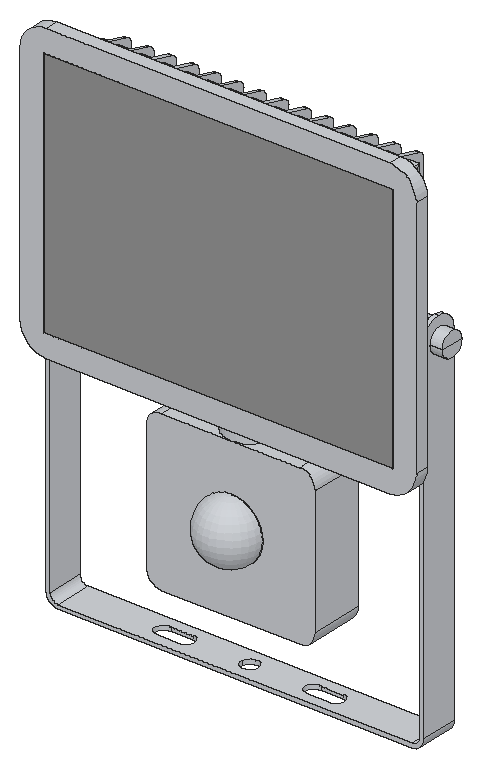
Revit family "START Flood Flat - 28W - PIR", category Lighting Fixtures, Revit 2017
Family settings
  Round Connector Dimension = Use Diameter
  Part Type = Normal
  OmniClass Number = 23.80.70.00
  OmniClass Title = Lighting
  Work Plane-Based = No
  Always vertical = Yes
  Cut with Voids When Loaded = No
  Light Source = Yes
  Shared = No
  Room Calculation Point = No
Parameters (values of type "0050140 ST FLD FLT IP54 PIR 3000LM 840 WH")
  Weight = "3.45 kg"
  Wattage = 28 W
  WarrantyStartDate [instance] = "n/a"
  WarrantyGuarantorParts = "n/a"
  WarrantyDurationUnit = "n/a"
  WarrantyDurationParts = "n/a"
  WarrantyDescription = "n/a"
  built-in parameter 1150110 = 1 (stored number, unit not read)
  Voltage = 0 V
  URL = "http://www.sylvania-lighting.com"
  TypeName = "Start Flood Flat IP54 PIR 3000LM 840 White"
  built-in parameter 1114217 = 1 (stored number, unit not read)
  Tilt Angle = 0.00°
  built-in parameter 1150109 = 1 (stored number, unit not read)
  built-in parameter 1150134 = 12
  built-in parameter 1150113 = 1 (stored number, unit not read)
  SerialNumber [instance] = "n/a"
  PowerFactor = 0.9
  PowerConsumption = "28.0 W"
  Photometric Web File = "0050140.ies"
  NominalWidth = 0 mm
  NominalLength = 201 mm
  NominalHeight = 57 mm
  Name = "Start Flood Flat IP54 PIR 3000LM 840 White"
  ModelReference = "Start Flood Flat IP54 PIR 3000LM 840 White"
  ModelNumber = "0050140"
  Model = "Start Flood Flat IP54 PIR 3000LM 840 White"
  Material_4_FEILO = none
  Material_3_FEILO = none
  Material_2_FEILO = Default New Material
  Material_1_FEILO = none
  Material = "n/a"
  ManufacturerName = "Feilo Sylvania"
  Manufacturer = "Feilo Sylvania"
  LuminousEfficacy = "107 lm/W"
  Lumens = 2996 lm
  LuminaireType = ""
  built-in parameter 1150115 = 1 (stored number, unit not read)
  built-in parameter 1150105 = -3339042 (stored number, unit not read)
  LightOutputRatio = "n/a"
  built-in parameter 1150137 = (empty or 0)
  built-in parameter 1150139 = (empty or 0)
  LampsType = "LED"
  LampNominalLuminous = "3000 lm"
  LampMacAdamStep = "5"
  LampColourTemperature = "4000 K"
  LampColourRenderingIndex = "80"
  built-in parameter 1150112 = 1 (stored number, unit not read)
  built-in parameter 1150114 = 1 (stored number, unit not read)
  Lamp = "LED"
  LUM_WIDTH_SYL = 75 mm  # constant formula
  LUM_HEIGHT_SYL = 56 mm  # constant formula
  LUM_EXTR_ST_SYL = -5 mm
  LUM_EXTR_END_SYL = 0 mm
  LUM_DEPTH_SYL = 28 mm
  Keynote = "16500"
  InstallationDate [instance] = "n/a"
  InputVoltage = "n/a"
  InputNominalFrequency = "n/a"
  built-in parameter 1150132 = 2
  built-in parameter 1150102 = (empty or 0)
  built-in parameter 1150138 = (empty or 0)
  built-in parameter 1150107 = 4000 (stored number, unit not read)
  IngressProtection = "IP65"
  ImpactProtectionIndex = "IK06"
  built-in parameter 1150106 = -33390.4 (stored number, unit not read)
  IfcExportType = "IfcLightFixtureType"
  IfcExportAs = "IfcLightFixtureType"
  ElectricShockClassification = "Class I"
  built-in parameter 1150104 = 9.9406 (stored number, unit not read)
  DocumentationLiterature = "http://www.sylvania-lighting.com/product/en-int/products/0050140"
  DimmingControlOptions = "n/a"
  Dimming Lamp Color Temperature Shift = <None>
  DIF_WIDTH_SYL = 66 mm  # constant formula
  DIF_HEIGHT_SYL = 47.5 mm  # constant formula
  CreatedOn = "12/2/2020"
  CreatedBy = "@sylvania-lighting.com"
  Color Filter = 16777215
  ClassificationValue = "EF_70_80"
  ClassificationName = "Uniclass2015"
  CABLE_SIDE_DIST_SYL = 44 mm
  CABLE_LENGTH_SYL = 5 mm
  CABLE_FRONT_DIST_SYL = 17.5 mm
  CABLES_DIST_SYL = 56 mm
  BarCode [instance] = "n/a"
  built-in parameter 1114218 = 1 (stored number, unit not read)
  B_RAIL_R_DIST_SYL = 7 mm
  B_RAIL_HEIGHT_SYL = 27 mm
  B_RAIL_DEPTH_SYL = 44 mm
  B_RAIL_CHAMFER_SYL = 7 mm
  BRACKET_HOLDER_WIDTH_SYL = 12 mm
  BRACKET_HOLDER_HEIGHT_SYL = 17 mm
  BRACKET_HOLDER_DIST_SIDE_SYL = 2.8 mm
  BRACKET_HOLDER_DIST_BOTT_SYL = 42 mm
  BRACKET_HOLDER_DEPTH_SYL = 5.7 mm
  BOX_WIDTH_SYL = 60.5 mm
  BOX_TOP_DIST_SYL = 10.5 mm
  BOX_DEPTH_SYL = 14 mm
  BOX_BOTT_DIST_SYL = 28 mm
  BACK_RAIL_WIDTH_SYL = 1.4 mm
  BACK_RAIL_SIDE_DIST_SYL = 19 mm
  BACK_PL_EXTR_ST_SYL = -6 mm
  BACK_PL_EXTR_ST(-1)_SYL = BACK_PL_EXTR_ST_SYL * (-1)  # 6 mm
  BACK_PL_EXTR_END_SYL = -3 mm
  BACK_PL_EXTR_END(-1)_SYL = BACK_PL_EXTR_END_SYL * (-1)  # 3 mm
  built-in parameter 1150133 = 10 (stored number, unit not read)
  AssetType = "Fixed"
  AssetIdentifier [instance] = "n/a"
  Assembly Code = "D5020200"
  Apparent Load = 28 VA
  0_18W_SYL = yes
Types (4, lengths in mm): name | TypeName | built-in parameter 1150134 | Photometric Web File | Name | ModelReference | ModelNumber | Model | LuminousEfficacy | Lumens | built-in parameter 1150105 | LampNominalLuminous | LampColourTemperature | built-in parameter 1150107 | built-in parameter 1150106 | built-in parameter 1150104 | DocumentationLiterature
  0050140 ST FLD FLT IP54 PIR 3000LM 840 WH | "Start Flood Flat IP54 PIR 3000LM 840 White" | 12 | "0050140.ies" | "Start Flood Flat IP54 PIR 3000LM 840 White" | "Start Flood Flat IP54 PIR 3000LM 840 White" | "0050140" | "Start Flood Flat IP54 PIR 3000LM 840 White" | "107 lm/W" | 2996 lm | -3339042 (stored number, unit not read) | "3000 lm" | "4000 K" | 4000 (stored number, unit not read) | -33390.4 (stored number, unit not read) | 9.9406 (stored number, unit not read) | "http://www.sylvania-lighting.com/product/en-int/products/0050140"
  0050139 ST FLD FLT IP54 PIR 2850LM 830 WH | "Start Flood Flat IP54 PIR 2850LM 830 White" | (empty or 0) | "0050139.ies" | "Start Flood Flat IP54 PIR 2850LM 830 White" | "Start Flood Flat IP54 PIR 2850LM 830 White" | "0050139" | "Start Flood Flat IP54 PIR 2850LM 830 White" | "102 lm/W" | 2856 lm | -3023875.7 (stored number, unit not read) | "2850 lm" | "3000 K" | 3000 (stored number, unit not read) | -30238.8 (stored number, unit not read) | 9.4761 (stored number, unit not read) | "http://www.sylvania-lighting.com/product/en-int/products/0050139"
  0050138 ST FLD FLT IP54 PIR 3000LM 840 BK | "Start Flood Flat IP54 PIR 3000LM 840 Black" | 12 | "0050138.ies" | "Start Flood Flat IP54 PIR 3000LM 840 Black" | "Start Flood Flat IP54 PIR 3000LM 840 Black" | "0050138" | "Start Flood Flat IP54 PIR 3000LM 840 Black" | "107 lm/W" | 2996 lm | -3339042 (stored number, unit not read) | "3000 lm" | "4000 K" | 4000 (stored number, unit not read) | -33390.4 (stored number, unit not read) | 9.9406 (stored number, unit not read) | "http://www.sylvania-lighting.com/product/en-int/products/0050138"
  0050137 ST FLD FLT IP54 PIR 2850LM 830 BK | "Start Flood Flat IP54 PIR 2850LM 830 Black" | (empty or 0) | "0050137.ies" | "Start Flood Flat IP54 PIR 2850LM 830 Black" | "Start Flood Flat IP54 PIR 2850LM 830 Black" | "0050137" | "Start Flood Flat IP54 PIR 2850LM 830 Black" | "102 lm/W" | 2856 lm | -3023875.7 (stored number, unit not read) | "2850 lm" | "3000 K" | 3000 (stored number, unit not read) | -30238.8 (stored number, unit not read) | 9.4761 (stored number, unit not read) | "http://www.sylvania-lighting.com/product/en-int/products/0050137"
Reference planes
  plane 1 "Light Source Axis (F/B)": y = 0
  plane 2: z = 0
  plane 3 "Light Source Axis (L/R)": x = 0
  plane 4 "Light Source Elevation": z = -0.469
  plane 5: x = 75
  plane 6: x = -75
  plane 7: z = 56
  plane 8: z = -56
  plane 9: x = 66
  plane 10: x = -66
  plane 11: z = 47.5
  plane 12: z = -47.5
  plane 13: y = 6
  plane 14: y = 3
  plane 15: x = -60.5
  plane 16: x = 60.5
  plane 17: y = 20
  plane 18: z = 45.5
  plane 19: z = -28
  plane 20: y = 28
  plane 21: z = -14
  plane 22: z = -2
  plane 23: y = 21
  plane 24: x = 54.2
  plane 25: x = 39.5
  plane 26: x = 31
  plane 27: x = -25
  plane 28: y = 14
  plane 29: z = -38
  plane 30: y = 27
  plane 31: z = 16
  plane 32: z = 9
  plane 33: x = 56
  plane 34: x = 54.6
  plane 35: x = 47.6
  plane 36: x = 20.8
  plane 37: x = 13.8
  plane 38: x = 12.4
  plane 39: x = 5.4
  plane 40: x = 4
  plane 41: z = -50.4
  plane 42: x = 64
  plane 43: x = 70
  plane 44: z = -59.1
Forms (mm)
  Extrusion 1, solid
    sketch origin (0, 0, 0) x (1, 0, 0) y (0, 0, 1)
      loop
        arc (-65, 56) -> (-72.071, 53.071) -> (-75, 46) r 10
        line (-75, 46) -> (-75, -46)
        arc (-75, -46) -> (-72.071, -53.071) -> (-65, -56) r 10
        line (-65, -56) -> (65, -56)
        arc (65, -56) -> (72.071, -53.071) -> (75, -46) r 10
        line (75, -46) -> (75, 46)
        arc (75, 46) -> (72.071, 53.071) -> (65, 56) r 10
        line (65, 56) -> (-65, 56)
      loop
        line (-66, 47.5) -> (-66, -47.5) -> (66, -47.5) -> (66, 47.5) -> (-66, 47.5)
    from -5 <- "LUM_EXTR_ST_SYL" to 0 <- "LUM_EXTR_END_SYL"
  Extrusion 2, solid, material "Default New Material" <- "Material_2_FEILO"
    sketch origin (0, 0, 0) x (1, 0, 0) y (0, 0, 1)
      loop
        line (-66, 47.5) -> (-66, -47.5) -> (66, -47.5) -> (66, 47.5) -> (-66, 47.5)
    from -3 <- "BACK_PL_EXTR_END_SYL" to 0 <- "LUM_EXTR_END_SYL"
  Extrusion 3, solid
    sketch origin (0, 0, 0) x (1, 0, 0) y (0, 0, 1)
      loop
        line (66, 47.5) -> (-66, 47.5) -> (-66, -47.5) -> (66, -47.5) -> (66, 47.5)
    from -6 <- "BACK_PL_EXTR_ST_SYL" to -3 <- "BACK_PL_EXTR_END_SYL"
  Extrusion 4, solid
    sketch origin (0, 0, 0) x (1, 0, 0) y (0, 1, 0)
      loop
        arc (-59.5, 20) -> (-60.207, 19.707) -> (-60.5, 19) r 1
        line (-60.5, 19) -> (-60.5, 6) -> (60.5, 6) -> (60.5, 19)
        arc (60.5, 19) -> (60.207, 19.707) -> (59.5, 20) r 1
        line (59.5, 20) -> (-59.5, 20)
    from -28 to 45.5
  Extrusion 5, solid
    sketch origin (0, 0, 0) x (1, 0, 0) y (0, 1, 0)
      loop
        arc (-52.5, 28) -> (-58.157, 25.657) -> (-60.5, 20) r 8
        line (-60.5, 20) -> (-60.5, 6) -> (60.5, 6) -> (60.5, 20)
        arc (60.5, 20) -> (58.157, 25.657) -> (52.5, 28) r 8
        line (52.5, 28) -> (-52.5, 28)
    from -47.5 to -28
  Extrusion 6, solid
    sketch origin (0, 0, 0) x (0, 1, 0) y (0, 0, 1)
      loop
        line (5, -2) -> (5, -14) -> (15, -14)
        arc (15, -14) -> (19.243, -12.243) -> (21, -8) r 6
        arc (21, -8) -> (19.243, -3.757) -> (15, -2) r 6
        line (15, -2) -> (5, -2)
      loop
        circle (15, -8) r 2.5
    from 64 to 70
  Extrusion 7, solid
    sketch origin (0, 0, 0) x (1, 0, 0) y (0, 1, 0)
      loop
        circle (-25, 14) r 7
      loop
        circle (31, 14) r 9
    from -59.1 to -47.5
  Extrusion 8, solid
    sketch origin (-75.017, 5.639, -10.469) x (0, 1, 0) y (0, 0, -1)
      loop
        line (-0.625, 17.969) -> (-0.625, -34.188) -> (-0.625, -61.668) -> (19.238, -55.969)
        arc (19.238, -55.969) -> (20.908, -54.706) -> (21.299, -52.649) r 2.911
        line (21.299, -52.649) -> (21.299, 17.969) -> (-0.625, 17.969)
    from -131.017 to -129.617
  Extrusion 9, solid
    sketch origin (0, 0, 0) x (0, 1, 0) y (0, 0, -1)
      loop
        line (5, 2) -> (15, 2)
        arc (15, 2) -> (19.243, 3.757) -> (21, 8) r 6
        arc (21, 8) -> (19.243, 12.243) -> (15, 14) r 6
        line (15, 14) -> (5, 14) -> (5, 2)
      loop
        circle (15, 8) r 2.5
    from 64 to 70
  Extrusion 10, solid
    sketch origin (75.017, 5.639, -10.469) x (0, 1, 0) y (0, 0, 1)
      loop
        line (-0.625, -17.969) -> (21.299, -17.969) -> (21.299, 52.649)
        arc (21.299, 52.649) -> (20.908, 54.706) -> (19.238, 55.969) r 2.911
        line (19.238, 55.969) -> (-0.625, 61.668) -> (-0.625, 34.188) -> (-0.625, -17.969)
    from -131.017 to -129.617
  Extrusion 11, solid
    sketch origin (-185.617, 5.639, -10.469) x (0, 1, 0) y (0, 0, -1)
      loop
        line (-0.625, 17.969) -> (-0.625, -34.188) -> (-0.625, -61.668) -> (19.238, -55.969)
        arc (19.238, -55.969) -> (20.908, -54.706) -> (21.299, -52.649) r 2.911
        line (21.299, -52.649) -> (21.299, 17.969) -> (-0.625, 17.969)
    from -131.017 to -129.617
  Extrusion 12, solid
    sketch origin (-83.524, 5.639, -10.469) x (0, 1, 0) y (0, 0, -1)
      loop
        line (-0.625, 17.969) -> (-0.625, -34.188) -> (-0.625, -61.668) -> (19.238, -55.969)
        arc (19.238, -55.969) -> (20.908, -54.706) -> (21.299, -52.649) r 2.911
        line (21.299, -52.649) -> (21.299, 17.969) -> (-0.625, 17.969)
    from -131.017 to -129.617
  Extrusion 13, solid
    sketch origin (-92.032, 5.639, -10.469) x (0, 1, 0) y (0, 0, -1)
      loop
        line (-0.625, 17.969) -> (-0.625, -34.188) -> (-0.625, -61.668) -> (19.238, -55.969)
        arc (19.238, -55.969) -> (20.908, -54.706) -> (21.299, -52.649) r 2.911
        line (21.299, -52.649) -> (21.299, 17.969) -> (-0.625, 17.969)
    from -131.017 to -129.617
  Extrusion 14, solid
    sketch origin (-100.54, 5.639, -10.469) x (0, 1, 0) y (0, 0, -1)
      loop
        line (-0.625, 17.969) -> (-0.625, -34.188) -> (-0.625, -61.668) -> (19.238, -55.969)
        arc (19.238, -55.969) -> (20.908, -54.706) -> (21.299, -52.649) r 2.911
        line (21.299, -52.649) -> (21.299, 17.969) -> (-0.625, 17.969)
    from -131.017 to -129.617
  Extrusion 15, solid
    sketch origin (-109.047, 5.639, -10.469) x (0, 1, 0) y (0, 0, -1)
      loop
        line (-0.625, 17.969) -> (-0.625, -34.188) -> (-0.625, -61.668) -> (19.238, -55.969)
        arc (19.238, -55.969) -> (20.908, -54.706) -> (21.299, -52.649) r 2.911
        line (21.299, -52.649) -> (21.299, 17.969) -> (-0.625, 17.969)
    from -131.017 to -129.617
  Extrusion 16, solid
    sketch origin (-117.555, 5.639, -10.469) x (0, 1, 0) y (0, 0, -1)
      loop
        line (-0.625, 17.969) -> (-0.625, -34.188) -> (-0.625, -61.668) -> (19.238, -55.969)
        arc (19.238, -55.969) -> (20.908, -54.706) -> (21.299, -52.649) r 2.911
        line (21.299, -52.649) -> (21.299, 17.969) -> (-0.625, 17.969)
    from -131.017 to -129.617
  Extrusion 17, solid
    sketch origin (-126.063, 5.639, -10.469) x (0, 1, 0) y (0, 0, -1)
      loop
        line (-0.625, 17.969) -> (-0.625, -34.188) -> (-0.625, -61.668) -> (19.238, -55.969)
        arc (19.238, -55.969) -> (20.908, -54.706) -> (21.299, -52.649) r 2.911
        line (21.299, -52.649) -> (21.299, 17.969) -> (-0.625, 17.969)
    from -131.017 to -129.617
  Extrusion 18, solid
    sketch origin (-134.571, 5.639, -10.469) x (0, 1, 0) y (0, 0, -1)
      loop
        line (-0.625, 17.969) -> (-0.625, -34.188) -> (-0.625, -61.668) -> (19.238, -55.969)
        arc (19.238, -55.969) -> (20.908, -54.706) -> (21.299, -52.649) r 2.911
        line (21.299, -52.649) -> (21.299, 17.969) -> (-0.625, 17.969)
    from -131.017 to -129.617
  Extrusion 19, solid
    sketch origin (-143.078, 5.639, -10.469) x (0, 1, 0) y (0, 0, -1)
      loop
        line (-0.625, 17.969) -> (-0.625, -34.188) -> (-0.625, -61.668) -> (19.238, -55.969)
        arc (19.238, -55.969) -> (20.908, -54.706) -> (21.299, -52.649) r 2.911
        line (21.299, -52.649) -> (21.299, 17.969) -> (-0.625, 17.969)
    from -131.017 to -129.617
  Extrusion 20, solid
    sketch origin (-151.586, 5.639, -10.469) x (0, 1, 0) y (0, 0, -1)
      loop
        line (-0.625, 17.969) -> (-0.625, -34.188) -> (-0.625, -61.668) -> (19.238, -55.969)
        arc (19.238, -55.969) -> (20.908, -54.706) -> (21.299, -52.649) r 2.911
        line (21.299, -52.649) -> (21.299, 17.969) -> (-0.625, 17.969)
    from -131.017 to -129.617
  Extrusion 21, solid
    sketch origin (-160.094, 5.639, -10.469) x (0, 1, 0) y (0, 0, -1)
      loop
        line (-0.625, 17.969) -> (-0.625, -34.188) -> (-0.625, -61.668) -> (19.238, -55.969)
        arc (19.238, -55.969) -> (20.908, -54.706) -> (21.299, -52.649) r 2.911
        line (21.299, -52.649) -> (21.299, 17.969) -> (-0.625, 17.969)
    from -131.017 to -129.617
  Extrusion 22, solid
    sketch origin (-168.601, 5.639, -10.469) x (0, 1, 0) y (0, 0, -1)
      loop
        line (-0.625, 17.969) -> (-0.625, -34.188) -> (-0.625, -61.668) -> (19.238, -55.969)
        arc (19.238, -55.969) -> (20.908, -54.706) -> (21.299, -52.649) r 2.911
        line (21.299, -52.649) -> (21.299, 17.969) -> (-0.625, 17.969)
    from -131.017 to -129.617
  Extrusion 23, solid
    sketch origin (-177.109, 5.639, -10.469) x (0, 1, 0) y (0, 0, -1)
      loop
        line (-0.625, 17.969) -> (-0.625, -34.188) -> (-0.625, -61.668) -> (19.238, -55.969)
        arc (19.238, -55.969) -> (20.908, -54.706) -> (21.299, -52.649) r 2.911
        line (21.299, -52.649) -> (21.299, 17.969) -> (-0.625, 17.969)
    from -131.017 to -129.617
Cuts and joins
  joined: Extrusion 1, Extrusion 3, Extrusion 4, Extrusion 5
Dimensions and locks
  "LUM_WIDTH_SYL": plane 5 to plane 3 "Light Source Axis (L/R)" to plane 6
  "LUM_HEIGHT_SYL": plane 7 to plane 2 to plane 8
  "DIF_WIDTH_SYL": plane 9 to plane 3 "Light Source Axis (L/R)" to plane 10
  "DIF_HEIGHT_SYL": plane 11 to plane 2 to plane 12
  "BACK_PL_EXTR_ST(-1)_SYL": plane 1 "Light Source Axis (F/B)" to plane 13
  "BACK_PL_EXTR_END(-1)_SYL": plane 1 "Light Source Axis (F/B)" to plane 14
  "BOX_WIDTH_SYL": plane 15 to plane 3 "Light Source Axis (L/R)" to plane 16
  "BOX_DEPTH_SYL": plane 13 to plane 17
  "BOX_TOP_DIST_SYL": plane 18 to plane 7
  "BOX_BOTT_DIST_SYL": plane 8 to plane 19
  "LUM_DEPTH_SYL": plane 1 "Light Source Axis (F/B)" to plane 20
  "BRACKET_HOLDER_DIST_BOTT_SYL": plane 21 to plane 8
  "BRACKET_HOLDER_WIDTH_SYL": plane 22 to plane 21
  cut or joined group of Extrusion 1, Extrusion 3, Extrusion 4, Extrusion 5 to plane 23 = 15 mm
  cut or joined group of Extrusion 1, Extrusion 3, Extrusion 4, Extrusion 5 to plane 24 = 20.8 mm
  plane 25 to plane 24 = 14.7 mm
  "CABLES_DIST_SYL": plane 27 to plane 26
  "CABLE_SIDE_DIST_SYL": plane 26 to plane 5
  cut or joined group of Extrusion 1, Extrusion 3, Extrusion 4, Extrusion 5 to plane 28 = 14 mm
  cut or joined group of Extrusion 1, Extrusion 3, Extrusion 4, Extrusion 5 to plane 29 = 18 mm
  "B_RAIL_HEIGHT_SYL": plane 30 to plane 1 "Light Source Axis (F/B)"
  "B_RAIL_DEPTH_SYL": plane 31 to plane 19
  "B_RAIL_CHAMFER_SYL": plane 31 to plane 32
  "BACK_RAIL_SIDE_DIST_SYL": plane 5 to plane 33
  "BACK_RAIL_WIDTH_SYL": plane 33 to plane 34
  "B_RAIL_R_DIST_SYL": plane 34 to plane 35
  "B_RAIL_R_DIST_SYL": plane 36 to plane 37
  "BACK_RAIL_WIDTH_SYL": plane 37 to plane 38
  "BACK_RAIL_WIDTH_SYL": plane 39 to plane 40
  "B_RAIL_R_DIST_SYL": plane 38 to plane 39
  plane 35 to plane 26 = 16.6 mm
  equal spacing: group 2, group 14, group 13, group 12, group 11, group 10, group 9, group 8, group 7, group 6, group 5, group 4, group 3, group 1
  equal spacing: group 1, group 3, group 4, group 5, group 6, group 7, group 8, group 9, group 10, group 11, group 12, group 13, group 14, group 2  (x2)
  aligned and locked: plane 4 "Light Source Elevation" to imposter light
  aligned and locked: level to plane 2
  aligned and locked: Extrusion 1 sketch curve to plane 7
  aligned and locked: plane 6 to Extrusion 1 sketch curve
  aligned and locked: plane 8 to Extrusion 1 sketch curve
  aligned and locked: Extrusion 1 sketch curve to plane 5
  aligned and locked: Extrusion 1 sketch curve to plane 11
  aligned and locked: plane 10 to Extrusion 1 sketch curve
  aligned and locked: plane 12 to Extrusion 1 sketch curve
  aligned and locked: Extrusion 1 sketch curve to plane 9
  aligned and locked: Extrusion 2 sketch curve to Extrusion 1  (x4)
  aligned and locked: Extrusion 3 sketch curve to Extrusion 1  (x4)
  aligned and locked: Extrusion 3 to Extrusion 2
  aligned and locked: plane 17 to Extrusion 4 sketch curve
  aligned and locked: plane 15 to Extrusion 4 sketch curve
  aligned and locked: Extrusion 4 sketch curve to plane 13
  aligned and locked: Extrusion 4 sketch curve to plane 16
  aligned and locked: plane 18 to Extrusion 4
  aligned and locked: Extrusion 4 to plane 19
  aligned and locked: plane 20 to Extrusion 5 sketch curve
  aligned and locked: plane 15 to Extrusion 5 sketch curve
  aligned and locked: cut or joined group of Extrusion 1, Extrusion 3, Extrusion 4, Extrusion 5 to Extrusion 5 sketch curve
  aligned and locked: Extrusion 5 sketch curve to cut or joined group of Extrusion 1, Extrusion 3, Extrusion 4, Extrusion 5
  aligned and locked: plane 19 to Extrusion 5
  aligned and locked: Extrusion 5 to plane 12
  aligned and locked: Extrusion 6 sketch curve to plane 22
  aligned and locked: plane 21 to Extrusion 6 sketch curve
  aligned and locked: Extrusion 7 to Extrusion 2
  aligned and locked: Extrusion 6 to cut or joined group of Extrusion 1, Extrusion 3, Extrusion 4, Extrusion 5
  aligned and locked: plane 42 to Extrusion 6
  aligned and locked: Extrusion 6 to plane 43
  aligned and locked: Extrusion 7 to plane 44
  aligned and locked: plane 33 to Extrusion 8
  aligned and locked: Extrusion 8 to plane 34
Automatic sketch dimensions
  plane 18 to Extrusion 1 sketch curve = 0.5 mm  (x2)
  plane 10 to Extrusion 1 sketch curve = 1 mm
  Extrusion 1 sketch curve to plane 9 = 1 mm
  plane 15 to Extrusion 4 sketch curve = 1 mm
  Extrusion 4 sketch curve to plane 16 = 1 mm
  Extrusion 5 sketch curve to plane 15 = 0 mm
  plane 28 to Extrusion 5 sketch curve = 6 mm  (x2)
  Extrusion 6 sketch curve to Extrusion 6 sketch curve = 0 mm  (x5)
  Extrusion 6 sketch curve to plane 23 = 0 mm
  plane 13 to Extrusion 6 sketch curve = 1 mm
  Extrusion 7 sketch curve to plane 27 = 0 mm
  Extrusion 7 sketch curve to plane 26 = 0 mm
  Extrusion 7 sketch curve to plane 28 = 0 mm  (x2)
  Extrusion 9 sketch curve to Extrusion 9 sketch curve = 0 mm  (x6)
  Extrusion 9 sketch curve to plane 21 = 0 mm
  Extrusion 9 sketch curve to plane 22 = 0 mm
  Extrusion 9 sketch curve to plane 23 = 0 mm
  plane 13 to Extrusion 9 sketch curve = 1 mm
  Extrusion 10 sketch curve to plane 18 = 0 mm
  Extrusion 10 sketch curve to plane 19 = 0.438 mm
  plane 13 to Extrusion 10 sketch curve = 0.986 mm
  plane 30 to Extrusion 10 sketch curve = 2.927 mm
  plane 30 to Extrusion 10 sketch curve = 2.124 mm
  plane 30 to Extrusion 10 sketch curve = 0.062 mm
  plane 31 to Extrusion 10 sketch curve = 7.719 mm
  Extrusion 10 sketch curve to plane 18 = 3.32 mm
  Extrusion 8 sketch curve to Extrusion 8 sketch curve = 19.06 mm
  Extrusion 8 sketch curve to Extrusion 8 sketch curve = 0.803 mm
  Extrusion 8 sketch curve to Extrusion 8 sketch curve = 21.924 mm
  Extrusion 8 sketch curve to Extrusion 8 sketch curve = 5.699 mm
  Extrusion 8 sketch curve to Extrusion 8 sketch curve = 18.983 mm
  Extrusion 8 sketch curve to Extrusion 8 sketch curve = 52.156 mm
  Extrusion 11 sketch curve to Extrusion 11 sketch curve = 19.06 mm
  Extrusion 11 sketch curve to Extrusion 11 sketch curve = 0.803 mm
  Extrusion 11 sketch curve to Extrusion 11 sketch curve = 21.924 mm
  Extrusion 11 sketch curve to Extrusion 11 sketch curve = 5.699 mm
  Extrusion 11 sketch curve to Extrusion 11 sketch curve = 18.983 mm
  Extrusion 11 sketch curve to Extrusion 11 sketch curve = 52.156 mm
  Extrusion 12 sketch curve to Extrusion 12 sketch curve = 19.06 mm
  Extrusion 12 sketch curve to Extrusion 12 sketch curve = 0.803 mm
  Extrusion 12 sketch curve to Extrusion 12 sketch curve = 21.924 mm
  Extrusion 12 sketch curve to Extrusion 12 sketch curve = 5.699 mm
  Extrusion 12 sketch curve to Extrusion 12 sketch curve = 18.983 mm
  Extrusion 12 sketch curve to Extrusion 12 sketch curve = 52.156 mm
  Extrusion 13 sketch curve to Extrusion 13 sketch curve = 19.06 mm
  Extrusion 13 sketch curve to Extrusion 13 sketch curve = 0.803 mm
  Extrusion 13 sketch curve to Extrusion 13 sketch curve = 21.924 mm
  Extrusion 13 sketch curve to Extrusion 13 sketch curve = 5.699 mm
  Extrusion 13 sketch curve to Extrusion 13 sketch curve = 18.983 mm
  Extrusion 13 sketch curve to Extrusion 13 sketch curve = 52.156 mm
  Extrusion 14 sketch curve to Extrusion 14 sketch curve = 19.06 mm
  Extrusion 14 sketch curve to Extrusion 14 sketch curve = 0.803 mm
  Extrusion 14 sketch curve to Extrusion 14 sketch curve = 21.924 mm
  Extrusion 14 sketch curve to Extrusion 14 sketch curve = 5.699 mm
  Extrusion 14 sketch curve to Extrusion 14 sketch curve = 18.983 mm
  Extrusion 14 sketch curve to Extrusion 14 sketch curve = 52.156 mm
  Extrusion 15 sketch curve to Extrusion 15 sketch curve = 19.06 mm
  Extrusion 15 sketch curve to Extrusion 15 sketch curve = 0.803 mm
  Extrusion 15 sketch curve to Extrusion 15 sketch curve = 21.924 mm
  Extrusion 15 sketch curve to Extrusion 15 sketch curve = 5.699 mm
  Extrusion 15 sketch curve to Extrusion 15 sketch curve = 18.983 mm
  Extrusion 15 sketch curve to Extrusion 15 sketch curve = 52.156 mm
  Extrusion 16 sketch curve to Extrusion 16 sketch curve = 19.06 mm
  Extrusion 16 sketch curve to Extrusion 16 sketch curve = 0.803 mm
  Extrusion 16 sketch curve to Extrusion 16 sketch curve = 21.924 mm
  Extrusion 16 sketch curve to Extrusion 16 sketch curve = 5.699 mm
  Extrusion 16 sketch curve to Extrusion 16 sketch curve = 18.983 mm
  Extrusion 16 sketch curve to Extrusion 16 sketch curve = 52.156 mm
  Extrusion 17 sketch curve to Extrusion 17 sketch curve = 19.06 mm
  Extrusion 17 sketch curve to Extrusion 17 sketch curve = 0.803 mm
  Extrusion 17 sketch curve to Extrusion 17 sketch curve = 21.924 mm
  Extrusion 17 sketch curve to Extrusion 17 sketch curve = 5.699 mm
  Extrusion 17 sketch curve to Extrusion 17 sketch curve = 18.983 mm
  Extrusion 17 sketch curve to Extrusion 17 sketch curve = 52.156 mm
  Extrusion 18 sketch curve to Extrusion 18 sketch curve = 19.06 mm
  Extrusion 18 sketch curve to Extrusion 18 sketch curve = 0.803 mm
  Extrusion 18 sketch curve to Extrusion 18 sketch curve = 21.924 mm
  Extrusion 18 sketch curve to Extrusion 18 sketch curve = 5.699 mm
  Extrusion 18 sketch curve to Extrusion 18 sketch curve = 18.983 mm
  Extrusion 18 sketch curve to Extrusion 18 sketch curve = 52.156 mm
  Extrusion 19 sketch curve to Extrusion 19 sketch curve = 19.06 mm
  Extrusion 19 sketch curve to Extrusion 19 sketch curve = 0.803 mm
  Extrusion 19 sketch curve to Extrusion 19 sketch curve = 21.924 mm
  Extrusion 19 sketch curve to Extrusion 19 sketch curve = 5.699 mm
  Extrusion 19 sketch curve to Extrusion 19 sketch curve = 18.983 mm
  Extrusion 19 sketch curve to Extrusion 19 sketch curve = 52.156 mm
  Extrusion 20 sketch curve to Extrusion 20 sketch curve = 19.06 mm
  Extrusion 20 sketch curve to Extrusion 20 sketch curve = 0.803 mm
  Extrusion 20 sketch curve to Extrusion 20 sketch curve = 21.924 mm
  Extrusion 20 sketch curve to Extrusion 20 sketch curve = 5.699 mm
  Extrusion 20 sketch curve to Extrusion 20 sketch curve = 18.983 mm
  Extrusion 20 sketch curve to Extrusion 20 sketch curve = 52.156 mm
  Extrusion 21 sketch curve to Extrusion 21 sketch curve = 19.06 mm
  Extrusion 21 sketch curve to Extrusion 21 sketch curve = 0.803 mm
  Extrusion 21 sketch curve to Extrusion 21 sketch curve = 21.924 mm
  Extrusion 21 sketch curve to Extrusion 21 sketch curve = 5.699 mm
  Extrusion 21 sketch curve to Extrusion 21 sketch curve = 18.983 mm
  Extrusion 21 sketch curve to Extrusion 21 sketch curve = 52.156 mm
  Extrusion 22 sketch curve to Extrusion 22 sketch curve = 19.06 mm
  Extrusion 22 sketch curve to Extrusion 22 sketch curve = 0.803 mm
  Extrusion 22 sketch curve to Extrusion 22 sketch curve = 21.924 mm
  Extrusion 22 sketch curve to Extrusion 22 sketch curve = 5.699 mm
  Extrusion 22 sketch curve to Extrusion 22 sketch curve = 18.983 mm
  Extrusion 22 sketch curve to Extrusion 22 sketch curve = 52.156 mm
  Extrusion 23 sketch curve to Extrusion 23 sketch curve = 19.06 mm
  Extrusion 23 sketch curve to Extrusion 23 sketch curve = 0.803 mm
  Extrusion 23 sketch curve to Extrusion 23 sketch curve = 21.924 mm
  Extrusion 23 sketch curve to Extrusion 23 sketch curve = 5.699 mm
  Extrusion 23 sketch curve to Extrusion 23 sketch curve = 18.983 mm
  Extrusion 23 sketch curve to Extrusion 23 sketch curve = 52.156 mm
  radius of Extrusion 6 sketch curve = 2.5 mm
  radius of Extrusion 7 sketch curve = 7 mm
  radius of Extrusion 7 sketch curve = 9 mm
  radius of Extrusion 9 sketch curve = 2.5 mm
Nested families
  nested 1: "bolt" at (71.5, 15, -8.05), type "bolt"
  nested 2: "bolt" at (-71.5, 15, -8.011) x (-1, 0, 0) z (0, 0, 1), type "bolt"
  nested 3: "PIR" at (0, 6, -93.516) x (-1, 0, 0) z (0, 0, 1), type "PIR"
  nested 4: "START Flood Flat - 27W_bracket - PIR" at (0, 15, -107.53), type "START Flood Flat - 27W_bracket - PIR"
Definition of nested family "bolt"
  Parameters (values of type "bolt")
    Material_4_SYL = none
    Material_3_SYL = none
    Material_2_SYL = none
    Material_1_SYL = none
  Reference planes
    plane 1 "Center (Front/Back)": y = 0
    plane 2: z = 0
    plane 3 "Center (Left/Right)": x = 0
    plane 4: x = 5
    plane 5: x = -10
    plane 6: y = 2.5
    plane 7: y = -2.5
    plane 8: y = 4.5
    plane 9: y = -4.5
  Forms (mm)
    Revolve 1, solid
      sketch origin (0, 0, 0) x (1, 0, 0) y (0, 1, 0)
        loop
          line (5, 0) -> (-10, 0) -> (-10, -2.5) -> (0, -2.5) -> (0, -4.5) -> (5, -4.5) -> (5, 0)
        axis (5, 0) -> (-10, 0)
      angle from 0 to 360
  Dimensions and locks
    aligned and locked: level to plane 2
Definition of nested family "PIR"
  Parameters (values of type "PIR")
    Material_4_SYL = none
    Material_3_SYL = none
    Material_2_SYL = none
    Material_1_SYL = none
  Reference planes
    plane 1 "Center (Front/Back)": y = 0
    plane 2: z = 0
    plane 3 "Center (Left/Right)": x = 0
    plane 4: z = -30
    plane 5: z = 30
    plane 6: x = 32
    plane 7: x = -32
    plane 8: x = 12
    plane 9: z = 12
    plane 10: z = -12
    plane 11: z = 46
    plane 12: x = 10
    plane 13: y = -10
  Forms (mm)
    Extrusion 1, solid
      sketch origin (0, 0, 0) x (1, 0, 0) y (0, 0, 1)
        loop
          arc (-26, 30) -> (-30.243, 28.243) -> (-32, 24) r 6
          line (-32, 24) -> (-32, -24)
          arc (-32, -24) -> (-30.243, -28.243) -> (-26, -30) r 6
          line (-26, -30) -> (26, -30)
          arc (26, -30) -> (30.243, -28.243) -> (32, -24) r 6
          line (32, -24) -> (32, 24)
          arc (32, 24) -> (30.243, 28.243) -> (26, 30) r 6
          line (26, 30) -> (-26, 30)
      from 0 to 20
    Revolve 2, solid
      sketch origin (0, 0, 0) x (1, 0, 0) y (0, 0, 1)
        loop
          line (0, 12) -> (0, -12)
          arc (0, -12) -> (12, 0) -> (0, 12) r 12
        axis (0, 12) -> (0, -12)
      angle from 0 to 360
    Extrusion 3, solid
      sketch origin (0, 0, 0) x (1, 0, 0) y (0, 1, 0)
        loop
          circle (0, -10) r 10
      from 30 to 46
  Dimensions and locks
    aligned and locked: level to plane 2
    aligned and locked: Extrusion 1 sketch curve to plane 5
    aligned and locked: plane 7 to Extrusion 1 sketch curve
    aligned and locked: plane 4 to Extrusion 1 sketch curve
    aligned and locked: Extrusion 1 sketch curve to plane 6
    aligned and locked: plane 3 "Center (Left/Right)" to Revolve 2 sketch curve
    aligned and locked: plane 10 to Revolve 2 sketch curve
    aligned and locked: Revolve 2 sketch curve to plane 3 "Center (Left/Right)"
    aligned and locked: plane 11 to Extrusion 3
    aligned and locked: Extrusion 3 to plane 5
Definition of nested family "START Flood Flat - 27W_bracket - PIR"
  Parameters (values of type "START Flood Flat - 27W_bracket - PIR")
    WIDTH_SYL = 143 mm
    THICKNESS_SYL = 1.5 mm
    Material_4_SYL = none
    Material_3_SYL = none
    Material_2_SYL = none
    Material_1_SYL = none
    HOLE_DIST_SYL = 8.5 mm
    HOLE2_DIST_SYL = 8 mm
    HEIGHT_SYL = 145 mm
    HALF_SYL = WIDTH_SYL / 2  # 71.5 mm
    FILLET_SYL = 7 mm
    DEPTH_2_SYL = -7 mm
    DEPTH_1_SYL = 7 mm
    CUTOUT_DIST_SYL = 24.2 mm
  Reference planes
    plane 1 "Center (Front/Back)": y = 0
    plane 2: z = 0
    plane 3 "Center (Left/Right)": x = 0
    plane 4: x = -71.5
    plane 5: x = 71.5
    plane 6: z = -37.5
    plane 7: z = 107.5
    plane 8: x = -70
    plane 9: z = -36
    plane 10: x = 70
    plane 11: z = 99.5
    plane 12: z = 100.5
    plane 13: x = 24.2
    plane 14: x = -24.2
    plane 15: x = 32.7
    plane 16: x = -32.7
  Forms (mm)
    Extrusion 1, solid
      sketch origin (0, 0, 0) x (1, 0, 0) y (0, 0, 1)
        loop
          arc (-71.5, -33) -> (-70.182, -36.182) -> (-67, -37.5) r 4.5
          line (-67, -37.5) -> (67, -37.5)
          arc (67, -37.5) -> (70.182, -36.182) -> (71.5, -33) r 4.5
          line (71.5, -33) -> (71.5, 107.5) -> (70, 107.5) -> (70, -33)
          arc (70, -33) -> (69.121, -35.121) -> (67, -36) r 3
          line (67, -36) -> (-67, -36)
          arc (-67, -36) -> (-69.121, -35.121) -> (-70, -33) r 3
          line (-70, -33) -> (-70, 107.5) -> (-71.5, 107.5) -> (-71.5, -33)
      from -7 <- "DEPTH_2_SYL" to 7 <- "DEPTH_1_SYL"
    Extrusion 2, void
      sketch origin (0, 0, 0) x (0, 1, 0) y (0, 0, 1)
        loop
          circle (0, 99.5) r 3.15
      from -71.5 to 71.5
    Extrusion 3, void
      sketch origin (0, 0, 0) x (0, 1, 0) y (0, 0, 1)
        loop
          line (7, 100.5) -> (14.83, 113.08) -> (-15.17, 113.08) -> (-7, 100.5)
          arc (-7, 100.5) -> (-4.95, 105.45) -> (0, 107.5) r 7
          arc (0, 107.5) -> (4.95, 105.45) -> (7, 100.5) r 7
      from -71.5 to 71.5
    Extrusion 4, void
      sketch origin (0, 0, 0) x (1, 0, 0) y (0, 1, 0)
        loop
          circle (0, 0) r 3.25
        loop
          arc (-32.7, 3.25) -> (-35.95, 0) -> (-32.7, -3.25) r 3.25
          line (-32.7, -3.25) -> (-24.2, -3.25)
          arc (-24.2, -3.25) -> (-20.95, 0) -> (-24.2, 3.25) r 3.25
          line (-24.2, 3.25) -> (-32.7, 3.25)
        loop
          line (24.2, -3.25) -> (32.7, -3.25)
          arc (32.7, -3.25) -> (35.95, 0) -> (32.7, 3.25) r 3.25
          line (32.7, 3.25) -> (24.2, 3.25)
          arc (24.2, 3.25) -> (20.95, 0) -> (24.2, -3.25) r 3.25
      from -54.767 to -28.006
  Cuts and joins
    Extrusion 2, Extrusion 3, Extrusion 4 cuts Extrusion 1
  Dimensions and locks
    "THICKNESS_SYL": plane 8 to plane 4
    "THICKNESS_SYL": plane 5 to plane 10
    "WIDTH_SYL": plane 5 to plane 4
    "HEIGHT_SYL": plane 7 to plane 6
    "FILLET_SYL": plane 7 to plane 12
    "CUTOUT_DIST_SYL": plane 14 to plane 3 "Center (Left/Right)" to plane 13
    "HOLE_DIST_SYL": plane 16 to plane 14
    "HOLE_DIST_SYL": plane 13 to plane 15
    "HOLE2_DIST_SYL": plane 7 to plane 11
    "HALF_SYL": plane 4 to plane 3 "Center (Left/Right)"
    aligned and locked: level to plane 2
    aligned and locked: plane 4 to Extrusion 1 sketch curve
    aligned and locked: plane 6 to Extrusion 1 sketch curve
    aligned and locked: Extrusion 1 sketch curve to plane 5
    aligned and locked: plane 8 to Extrusion 1 sketch curve
    aligned and locked: plane 9 to Extrusion 1 sketch curve
    aligned and locked: Extrusion 1 sketch curve to plane 10
    aligned and locked: plane 7 to Extrusion 1 sketch curve  (x2)
    aligned and locked: Extrusion 1 to Extrusion 2  (x2)
    aligned and locked: Extrusion 1 to Extrusion 3
    aligned and locked: Extrusion 3 to Extrusion 1
  Automatic sketch dimensions
    Extrusion 1 sketch curve to Extrusion 1 sketch curve = 0 mm
    plane 8 to Extrusion 1 sketch curve = 3 mm
    Extrusion 1 sketch curve to plane 10 = 3 mm
    Extrusion 1 sketch curve to Extrusion 1 sketch curve = 3 mm
    Extrusion 2 sketch curve to plane 1 "Center (Front/Back)" = 0 mm
    Extrusion 2 sketch curve to plane 11 = 0 mm
    Extrusion 3 sketch curve to Extrusion 3 sketch curve = 0 mm
    Extrusion 3 sketch curve to plane 12 = 0 mm
    Extrusion 3 sketch curve to plane 1 "Center (Front/Back)" = 0 mm
    Extrusion 3 sketch curve to plane 7 = 0 mm
    Extrusion 3 sketch curve to Extrusion 3 sketch curve = 8.17 mm
    plane 7 to Extrusion 3 sketch curve = 5.58 mm
    Extrusion 3 sketch curve to Extrusion 3 sketch curve = 7.83 mm
    plane 1 "Center (Front/Back)" to Extrusion 4 sketch curve = 0 mm  (x3)
    Extrusion 4 sketch curve to plane 16 = 0 mm
    Extrusion 4 sketch curve to plane 14 = 0 mm
    Extrusion 4 sketch curve to plane 3 "Center (Left/Right)" = 0 mm
    Extrusion 4 sketch curve to plane 13 = 0 mm
    Extrusion 4 sketch curve to plane 15 = 0 mm
    plane 1 "Center (Front/Back)" to Extrusion 4 sketch curve = 3.25 mm  (x2)
    radius of Extrusion 2 sketch curve = 3.15 mm
    radius of Extrusion 4 sketch curve = 3.25 mm
